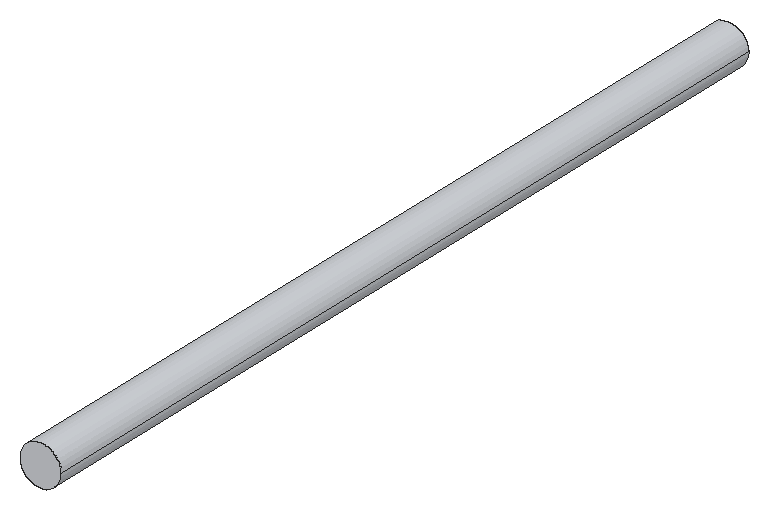
Revit family "金檩", category 常规模型, Revit 2022
Family settings
  可将钢筋附着到主体 = 否
  圆形连接件大小 = 使用直径
  零件类型 = 标准
  基于工作平面 = 否
  总是垂直 = 是
  加载时剪切的空心 = 否
  保持注释方向 = 否
  共享 = 否
  房间计算点 = 否
Parameters
  默认高程 = 0 mm
  金檩直径 [instance] = 170 mm
  金檩长 [instance] = 3600 mm
Reference planes
  plane 1 "中心(前/后)": y = 0
  plane 2: z = 0
  plane 3 "中心(左/右)": x = 0
Forms (mm)
  Extrusion 1, solid
    sketch origin (0, 0, 0) x (1, 0, 0) y (0, 0, 1)
      loop
        circle (1288.289, 974.39) r 85
    from 0 to 3600
Dimensions and locks
  "金檩长": Extrusion 1 to Extrusion 1
  "金檩直径": diameter of Extrusion 1 sketch curve
  aligned and locked: level to plane 2
Automatic sketch dimensions
  plane 3 "中心(左/右)" to Extrusion 1 sketch curve = 1288.289 mm
  level to Extrusion 1 sketch curve = 974.39 mm
